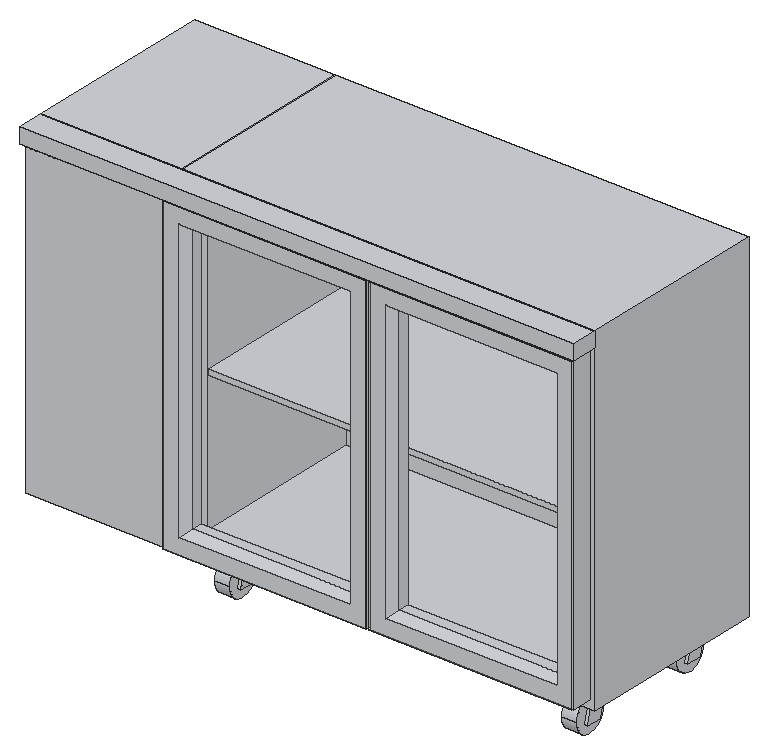
Revit family "Skope BB380X", category Specialty Equipment, Revit 2016
Family settings
  Part Type = Normal
  Round Connector Dimension = Use Diameter
  Work Plane-Based = No
  Always vertical = Yes
  Cut with Voids When Loaded = No
  Shared = No
  Room Calculation Point = No
Parameters (values of type "2 Swing Doors Chiller Integral (LH)")
  PD [instance] = if(Height Set > HOM, HOM, if(Height Set < HOMi, HOMi, Height Set))  # 110 mm
  Feet [instance] = not(Castors)  # no
  Swing = not(Sliding)  # yes
  Small Unit Size = 235 mm  # constant formula
  Small Refridgeration Unit = not(Large Refridgeration Unit)  # no
  Sliding = no
  Refridgeration Unit Depth = if(Large Refridgeration Unit, Large Unit Size, Small Unit Size)  # 380 mm
  RHS = if(and(Small Refridgeration Unit, RH Unit), 1 < 2, 2 < 1)  # no
  RHL = if(and(Large Refridgeration Unit, RH Unit), 1 < 2, 2 < 1)  # no
  RH Unit = not(LH Unit)  # no
  RH Refridgeration Unit = if(RH Unit, Refridgeration Unit Depth, 0 mm)  # 0 mm
  Plinth [instance] = 1 > 2  # no
  Depth = 590 mm  # constant formula
  Width = 1500 mm
  Height = 920 mm
  Model = "BB380X-2SW"
  Manufacturer = "Skope Ltd."  # constant formula
  MW = Depth - Door Thickness  # 519.2 mm
  MS = Width - LH Refridgeration Unit - RH Refridgeration Unit  # 1120 mm
  MH = Height - Bench Thickness  # 880 mm
  Large Unit Size = 380 mm  # constant formula
  Large Refridgeration Unit = yes
  LHS = if(and(Small Refridgeration Unit, LH Unit), 1 < 2, 2 < 1)  # no
  LHL = if(and(Large Refridgeration Unit, LH Unit), 1 < 2, 2 < 1)  # yes
  LH Unit = yes
  LH Refridgeration Unit = if(LH Unit, Refridgeration Unit Depth, 0 mm)  # 380 mm
  Interior Wheel Offset = 90 mm  # constant formula
  Height Set [instance] = 190 mm
  Height Offset [instance] = if(Plinth, Height Set, PD)  # 110 mm
  HOMi [instance] = if(Castors, 95 mm, 150 mm)  # 95 mm
  HOM [instance] = if(Castors, 110 mm, 180 mm)  # 110 mm
  DoorNo = 2  # constant formula
  Door Width = MS / 2  # 560 mm
  Door Thickness = 70.8 mm  # constant formula
  Description = "Horizontal, 2 door Backbar bottle Chiller with Integral, LH refrigeration services"
  Castors [instance] = yes
  Bench Thickness = 40 mm  # constant formula
Types (5, lengths in mm): name | Small Refridgeration Unit | Refridgeration Unit Depth | RHS | RHL | RH Unit | RH Refridgeration Unit | Width | Model | Large Refridgeration Unit | LHS | LHL | LH Unit | LH Refridgeration Unit | Description
  (no name) | no | 380 | no | no | no | 0 | 1500 | "BB380X-2SW" | yes | no | yes | yes | 380 | "Horizontal, 2 door Backbar bottle Chiller with Integral, LH refrigeration services"
  2 Swing Doors Chiller Integral (LH) | no | 380 | no | no | no | 0 | 1500 | "BB380X-2SW" | yes | no | yes | yes | 380 | "Horizontal, 2 door Backbar bottle Chiller with Integral, LH refrigeration services"
  2 Swing Doors Chiller Integral (RH) | no | 380 | no | yes | yes | 380 | 1500 | "BB380X-2SW-RH" | yes | no | no | no | 0 | "Horizontal, 2 door Backbar bottle Chiller with Integral, RH refrigeration services"
  2 Swing Doors Chiller Remote (LH) | yes | 235 | no | no | no | 0 | 1355 | "BB380Xr-2SW" | no | yes | no | yes | 235 | "Horizontal, 2 door Backbar bottle Chiller with Remote, LH refrigeration services"
  2 Swing Doors Chiller Remote (RH) | yes | 235 | yes | no | yes | 235 | 1355 | "BB380Xr-2SW-RH" | no | no | no | no | 0 | "Horizontal, 2 door Backbar bottle Chiller with Remote, RH refrigeration services"
Reference planes
  plane 1 "Center (Front/Back)": y = 0
  plane 2: z = 0
  plane 3 "Center (Left/Right)": x = 0
  plane 4: y = -590
  plane 5: x = 1500
  plane 6: x = 380
  plane 7: x = 1500
  plane 8: y = -519.2
  plane 9: z = 110
  plane 10: z = 990
  plane 11: z = 1030
  plane 12: x = 470
  plane 13: x = 1410
  plane 14: y = -90
  plane 15: y = -429.2
Forms (mm)
  Extrusion 1, solid
    sketch origin (0, 0, 0) x (0, 1, 0) y (0, 0, 1)
      loop
        line (-519.2, 1030) -> (-590, 1030) -> (-590, 990) -> (-519.2, 990) -> (-519.2, 1030)
    from 0 to 1500
Dimensions and locks
  "Depth": plane 4 to plane 1 "Center (Front/Back)"
  "LH Refridgeration Unit": plane 3 "Center (Left/Right)" to plane 6
  "RH Refridgeration Unit": plane 7 to plane 5
  "Door Thickness": plane 8 to plane 4
  "Width": plane 3 "Center (Left/Right)" to plane 5
  "Height Offset": plane 9 to plane 2
  "Height": plane 11 to plane 9
  "Bench Thickness": plane 11 to plane 10
  "Interior Wheel Offset": plane 14 to plane 1 "Center (Front/Back)"
  "Interior Wheel Offset": plane 15 to plane 8
  "Interior Wheel Offset": plane 13 to plane 7
  "Interior Wheel Offset": plane 6 to plane 12
  plane 10 to Extrusion 1 = 40 mm
  aligned and locked: level to plane 2
  aligned and locked: plane 9 to nested 1
  aligned and locked: plane 3 "Center (Left/Right)" to nested 2
  aligned and locked: plane 1 "Center (Front/Back)" to nested 2
  aligned and locked: plane 9 to nested 2
  aligned and locked: plane 1 "Center (Front/Back)" to nested 3
  aligned and locked: plane 6 to nested 1
  aligned and locked: plane 3 "Center (Left/Right)" to nested 4
  aligned and locked: nested 4 to plane 8
  aligned and locked: plane 9 to nested 4
  aligned and locked: plane 3 "Center (Left/Right)" to nested 5
  aligned and locked: nested 5 to plane 8
  aligned and locked: plane 9 to nested 5
  aligned and locked: plane 12 to nested 6
  aligned and locked: plane 14 to nested 6
  aligned and locked: plane 12 to nested 7
  aligned and locked: plane 13 to nested 8
  aligned and locked: plane 15 to nested 7
  aligned and locked: nested 7 to plane 9
  aligned and locked: nested 6 to plane 9
  aligned and locked: nested 8 to plane 9
  aligned and locked: plane 14 to nested 8
  aligned and locked: plane 13 to nested 9
  aligned and locked: plane 15 to nested 9
  aligned and locked: nested 9 to plane 9
  aligned and locked: plane 9 to nested 3
  aligned and locked: plane 5 to nested 3
  aligned and locked: nested 10 to plane 12
  aligned and locked: nested 10 to plane 14
  aligned and locked: nested 11 to plane 12
  aligned and locked: nested 11 to plane 15
  aligned and locked: nested 13 to plane 15
  aligned and locked: nested 12 to plane 14
  aligned and locked: nested 12 to plane 13
  aligned and locked: nested 13 to plane 13
  aligned and locked: nested 11 to plane 9
  aligned and locked: nested 10 to plane 9
  aligned and locked: nested 13 to plane 9
  aligned and locked: nested 12 to plane 9
  aligned and locked: plane 6 to nested 14
  aligned and locked: nested 14 to plane 8
  aligned and locked: plane 9 to nested 14
  aligned and locked: nested 15 to plane 9
  aligned and locked: nested 1 to Extrusion 1 sketch curve  (x2)
  aligned and locked: Extrusion 1 sketch curve to nested 4  (x2)
  aligned and locked: plane 5 to Extrusion 1
  aligned and locked: Extrusion 1 to plane 3 "Center (Left/Right)"
  aligned and locked: plane 5 to nested 17
  aligned and locked: nested 17 to plane 8
  aligned and locked: plane 5 to nested 16
  aligned and locked: nested 16 to plane 8
  aligned and locked: plane 7 to nested 15
  aligned and locked: plane 8 to nested 15
  aligned and locked: plane 9 to nested 17
  aligned and locked: plane 9 to nested 16
Nested families
  nested 1: "Skope Base Unit" at (380, 0, 110), type "Skope Base Unit"
    with Width 1120 mm, Height 920 mm, Depth 519.2 mm
  nested 2: "Skope Side Base Unit" at (0, 0, 110), visible <- "LH Unit", type "Skope Side Base Unit"
    with Width 380 mm, Height 920 mm, Depth 519.2 mm
  nested 3: "Skope Side Base Unit" at (1120, 0, 110), visible <- "RH Unit", type "Skope Side Base Unit"
    with Width 380 mm, Height 920 mm, Depth 519.2 mm
  nested 4: "Skope Side Unit (Small)" at (0, -519.2, 110), visible <- "LHS", type "Skope Side Unit (Small)"
  nested 5: "Skope Side Unit" at (0, -519.2, 110), visible <- "LHL", type "Skope Side Unit"
  nested 6: "Skope Castors" at (470, -90, 110) x (-1, 0, 0) z (0, 0, 1), visible <- "Castors", type "Skope Castor", detail levels medium+fine
  nested 7: "Skope Castors" at (470, -429.2, 110) x (-1, 0, 0) z (0, 0, 1), visible <- "Castors", type "Skope Castor", detail levels medium+fine
  nested 8: "Skope Castors" at (1410, -90, 110) x (-1, 0, 0) z (0, 0, 1), visible <- "Castors", type "Skope Castor", detail levels medium+fine
  nested 9: "Skope Castors" at (1410, -429.2, 110) x (-1, 0, 0) z (0, 0, 1), visible <- "Castors", type "Skope Castor", detail levels medium+fine
  nested 10: "Skope Legs" at (470, -90, 110), visible <- "Feet", built-in parameter 1001364 <- "Height Offset", type "Skope Castor", detail levels medium+fine
  nested 11: "Skope Legs" at (470, -429.2, 110), visible <- "Feet", built-in parameter 1001364 <- "Height Offset", type "Skope Castor", detail levels medium+fine
  nested 12: "Skope Legs" at (1410, -90, 110), visible <- "Feet", built-in parameter 1001364 <- "Height Offset", type "Skope Castor", detail levels medium+fine
  nested 13: "Skope Legs" at (1410, -429.2, 110), visible <- "Feet", built-in parameter 1001364 <- "Height Offset", type "Skope Castor", detail levels medium+fine
  nested 14: "Skope Solid Swing Door" at (380, -519.2, 110), type "Skope Solid Swing Door"
  nested 15: "Skope Solid Swing Door" at (1500, -519.2, 110) x (-1, 0, 0) z (0, 0, 1), type "Skope Solid Swing Door"
  nested 16: "Skope Side Unit (Small)" at (1265, -519.2, 110), visible <- "RHS", type "Skope Side Unit (Small)"
  nested 17: "Skope Side Unit" at (1120, -519.2, 110), visible <- "RHL", type "Skope Side Unit"
Definition of nested family "Skope Base Unit"
  Parameters (values of type "Skope Base Unit")
    Width = 1500 mm
    Material = none
    Height = 925 mm
    Depth = 539.2 mm
  Reference planes
    plane 1 "Center (Front/Back)": y = 0
    plane 2: z = 0
    plane 3 "Center (Left/Right)": x = 0
    plane 4: y = -539.2
    plane 5: x = 1500
    plane 6: z = 925
    plane 7: x = 70
    plane 8: z = 855
    plane 9: z = 70
    plane 10: x = 1430
    plane 11: y = -50
    plane 12: z = 462.5
  Forms (mm)
    Extrusion 1, solid, material <- "Material"
      sketch origin (0, 0, 0) x (1, 0, 0) y (0, 1, 0)
        loop
          line (0, -539.2) -> (1500, -539.2) -> (1500, 0) -> (0, 0) -> (0, -539.2)
      from 0 to 925 <- "Height"
    Extrusion 2, void
      sketch origin (0, 0, 0) x (1, 0, 0) y (0, 0, 1)
        loop
          line (70, 855) -> (70, 70) -> (1430, 70) -> (1430, 855) -> (70, 855)
      from 50 to 539.2
    Extrusion 3, solid
      sketch origin (0, 0, 0) x (1, 0, 0) y (0, 1, 0)
        loop
          line (70, -539.2) -> (1430, -539.2) -> (1430, -50) -> (70, -50) -> (70, -539.2)
      from 445.841 to 462.5
  Cuts and joins
    Extrusion 2 cuts Extrusion 1
  Dimensions and locks
    "Depth": plane 1 "Center (Front/Back)" to plane 4
    "Width": plane 5 to plane 3 "Center (Left/Right)"
    "Height": plane 6 to plane 2
    locked: plane 5 to plane 10 at 70
    locked: plane 7 to plane 3 "Center (Left/Right)" at 70
    locked: plane 6 to plane 8 at 70
    plane 9 to plane 2 = 70 mm
    locked: plane 11 to plane 1 "Center (Front/Back)" at 50
    equal spacing: plane 6, plane 12, plane 2
    aligned and locked: level to plane 2
    aligned and locked: Extrusion 1 sketch curve to plane 4
    aligned and locked: plane 3 "Center (Left/Right)" to Extrusion 1 sketch curve
    aligned and locked: Extrusion 1 sketch curve to plane 1 "Center (Front/Back)"
    aligned and locked: plane 5 to Extrusion 1 sketch curve
    aligned and locked: Extrusion 2 sketch curve to plane 8
    aligned and locked: Extrusion 2 sketch curve to plane 7
    aligned and locked: plane 9 to Extrusion 2 sketch curve
    aligned and locked: plane 10 to Extrusion 2 sketch curve
    aligned and locked: Extrusion 2 to plane 4
    aligned and locked: plane 11 to Extrusion 2
    aligned and locked: plane 11 to Extrusion 3 sketch curve
    aligned and locked: Extrusion 3 sketch curve to plane 10
    aligned and locked: plane 7 to Extrusion 3 sketch curve
    aligned and locked: Extrusion 3 sketch curve to plane 4
    aligned and locked: Extrusion 3 to plane 12
Definition of nested family "Skope Side Base Unit"
  Parameters (values of type "Skope Side Base Unit")
    Width = 1750 mm
    Material = none
    Height = 716 mm
    Depth = 759.2 mm
  Reference planes
    plane 1 "Center (Front/Back)": y = 0
    plane 2: z = 0
    plane 3 "Center (Left/Right)": x = 0
    plane 4: y = -759.2
    plane 5: x = 1750
    plane 6: z = 716
  Forms (mm)
    Extrusion 1, solid, material <- "Material"
      sketch origin (0, 0, 0) x (1, 0, 0) y (0, 1, 0)
        loop
          line (0, -759.2) -> (1750, -759.2) -> (1750, 0) -> (0, 0) -> (0, -759.2)
      from 0 to 716 <- "Height"
  Dimensions and locks
    "Depth": plane 1 "Center (Front/Back)" to plane 4
    "Width": plane 5 to plane 3 "Center (Left/Right)"
    "Height": plane 6 to plane 2
    aligned and locked: level to plane 2
    aligned and locked: Extrusion 1 sketch curve to plane 4
    aligned and locked: plane 3 "Center (Left/Right)" to Extrusion 1 sketch curve
    aligned and locked: Extrusion 1 sketch curve to plane 1 "Center (Front/Back)"
    aligned and locked: plane 5 to Extrusion 1 sketch curve
Definition of nested family "Skope Side Unit (Small)"
  Parameters (values of type "Skope Side Unit (Small)")
    Width = 235 mm
    Top Offset = 45 mm
    Material = none
    Height = 880 mm
    Grill Offset = 8 mm
    Door Width = Width - (Door Center Offset * 2)  # 75 mm
    Door Top Offset = 160 mm
    Door Offset Bottom = 151.38 mm
    Door Height = Height - Door Offset Bottom - 30 mm  # 698.62 mm
    Door Center Offset = 80 mm
    Detailed Door Width = 1291.611 mm
    Detailed Door Offset = 10 mm
    Detailed Door Ground Clearance = 24 mm
    Detailed Door Elevation Offset = 8 mm
    Detailed Door Depth = Depth - Detailed Door Offset - Detailed Door Elevation Offset  # 52.8 mm
    Depth = 70.8 mm
  Reference planes
    plane 1 "Center (Front/Back)": y = 0
    plane 2: z = 0
    plane 3 "Center (Left/Right)": x = 0
    plane 4: y = -70.8
    plane 5: x = 235
    plane 6: z = 880
    plane 7: y = -10
    plane 8: x = 320
    plane 9: z = 452
    plane 10: z = 24
    plane 11: z = 840
    plane 12: z = 80
    plane 13: z = 188.571
    plane 14: z = 297.143
    plane 15: z = 405.714
    plane 16: z = 514.286
    plane 17: z = 622.857
    plane 18: z = 731.429
    plane 19: z = 178.571
    plane 20: z = 287.143
    plane 21: z = 721.429
    plane 22: z = 612.857
    plane 23: x = 20
    plane 24: x = 215
  Forms (mm)
    Extrusion 1, solid, material <- "Material", detail levels coarse
      sketch origin (0, 0, 0) x (1, 0, 0) y (0, 1, 0)
        loop
          line (0, -70.8) -> (235, -70.8) -> (235, 0) -> (0, 0) -> (0, -70.8)
      from 0 to 880 <- "Height"
    Extrusion 2, solid, material <- "Material", detail levels medium+fine
      sketch origin (-18, 0, 0) x (1, 0, 0) y (0, 0, 1)
        loop
          line (26, 872) -> (26, 32) -> (253, 32) -> (253, 872) -> (26, 872)
      from 10 to 62.8
    Extrusion 3, solid, detail levels medium+fine
      sketch origin (-18, -62.8, 0) x (1, 0, 0) y (0, 0, 1)
        loop
          line (34, 40) -> (245, 40) -> (245, 864) -> (34, 864) -> (34, 40)
      from -62.8 to -52.8
  Lines and regions (mm)
    model lines, detail levels medium+fine
      curve 1: line (20, -62.8, 622.857) -> (215, -62.8, 622.857)
      curve 2: line (20, -62.8, 721.429) -> (20, -62.8, 622.857)
      curve 3: line (215, -62.8, 721.429) -> (20, -62.8, 721.429)
      curve 4: line (215, -62.8, 622.857) -> (215, -62.8, 721.429)
      curve 5: line (20, -62.8, 514.286) -> (215, -62.8, 514.286)
      curve 6: line (20, -62.8, 612.857) -> (20, -62.8, 514.286)
      curve 7: line (215, -62.8, 612.857) -> (20, -62.8, 612.857)
      curve 8: line (215, -62.8, 514.286) -> (215, -62.8, 612.857)
      curve 9: line (20, -62.8, 80) -> (215, -62.8, 80)
      curve 10: line (20, -62.8, 178.571) -> (20, -62.8, 80)
      curve 11: line (215, -62.8, 178.571) -> (20, -62.8, 178.571)
      curve 12: line (215, -62.8, 80) -> (215, -62.8, 178.571)
      curve 13: line (20, -62.8, 188.571) -> (215, -62.8, 188.571)
      curve 14: line (20, -62.8, 287.143) -> (20, -62.8, 188.571)
      curve 15: line (215, -62.8, 287.143) -> (20, -62.8, 287.143)
      curve 16: line (215, -62.8, 188.571) -> (215, -62.8, 287.143)
      curve 17: line (20, -62.8, 731.429) -> (151, -62.8, 731.429)
      curve 18: line (20, -62.8, 796.429) -> (20, -62.8, 731.429)
      curve 19: line (151, -62.8, 796.429) -> (20, -62.8, 796.429)
      curve 20: line (151, -62.8, 731.429) -> (151, -62.8, 796.429)
  Dimensions and locks
    "Depth": plane 1 "Center (Front/Back)" to plane 4
    "Width": plane 5 to plane 3 "Center (Left/Right)"
    "Height": plane 6 to plane 2
    "Detailed Door Offset": plane 7 to plane 1 "Center (Front/Back)"
    Extrusion 1 to Extrusion 1 to plane 8 = 235 mm, 85 mm
    equal spacing: plane 10, plane 9, plane 6
    "Detailed Door Elevation Offset": Extrusion 1 to Extrusion 2  (x3)
    "Detailed Door Ground Clearance": plane 10 to level
    "Detailed Door Depth": plane 7 to Extrusion 2
    "Detailed Door Elevation Offset": Extrusion 2 to plane 10
    "Grill Offset": Extrusion 2 to Extrusion 3 sketch curve
    Extrusion 1 to Extrusion 3 sketch curve = 8 mm
    plane 6 to plane 11 = 40 mm
    plane 12 to plane 2 = 80 mm
    equal spacing: plane 11, plane 18, plane 17, plane 16, plane 15, plane 14, plane 13, plane 12
    plane 18 to plane 21 = 10 mm
    plane 17 to plane 22 = 10 mm
    plane 14 to plane 20 = 10 mm
    plane 13 to plane 19 = 10 mm
    plane 23 to plane 3 "Center (Left/Right)" = 20 mm
    plane 5 to plane 24 = 20 mm
    aligned and locked: level to plane 2
    aligned and locked: Extrusion 1 sketch curve to plane 4
    aligned and locked: plane 3 "Center (Left/Right)" to Extrusion 1 sketch curve
    aligned and locked: Extrusion 1 sketch curve to plane 1 "Center (Front/Back)"
    aligned and locked: Extrusion 1 sketch curve to plane 5
    aligned and locked: plane 7 to Extrusion 2
    aligned and locked: Extrusion 2 sketch curve to plane 5
    aligned and locked: Extrusion 3 to plane 1 "Center (Front/Back)"
    aligned and locked: Extrusion 3 to plane 7
    aligned and locked: curve 1 to plane 17
    aligned and locked: plane 21 to curve 3
    aligned and locked: plane 22 to curve 7
    aligned and locked: curve 9 to plane 12
    aligned and locked: plane 19 to curve 11
    aligned and locked: curve 13 to plane 13
    aligned and locked: plane 20 to curve 15
    aligned and locked: curve 17 to plane 18
    aligned and locked: plane 24 to curve 12
    aligned and locked: plane 23 to curve 10
  Automatic sketch dimensions
    plane 3 "Center (Left/Right)" to Extrusion 2 sketch curve = 8 mm
    plane 10 to Extrusion 2 sketch curve = 8 mm
    Extrusion 2 sketch curve to plane 6 = 8 mm
    curve 3 to Extrusion 2 = 12 mm
    curve 19 to Extrusion 2 = 12 mm
    curve 14 to Extrusion 2 = 12 mm
    curve 5 to Extrusion 2 = 12 mm
    curve 19 to Extrusion 2 = 84 mm
    curve 13 to curve 11 = 0 mm
    curve 1 to curve 8 = 0 mm
    curve 6 to curve 6 = 98.571 mm
    curve 17 to curve 19 = 65 mm
    curve 8 to Extrusion 2 = 20 mm
    Extrusion 3 sketch curve to Extrusion 2 = 8 mm  (x2)
Definition of nested family "Skope Side Unit"
  Parameters (values of type "Skope Side Unit")
    Width = 380 mm
    Top Offset = 45 mm
    Material = none
    Height = 880 mm
    Grill Offset = 8 mm
    Door Width = Width - (Door Center Offset * 2)  # 220 mm
    Door Top Offset = 160 mm
    Door Offset Bottom = 151.38 mm
    Door Height = Height - Door Offset Bottom - 30 mm  # 698.62 mm
    Door Center Offset = 80 mm
    Detailed Door Width = 1291.611 mm
    Detailed Door Offset = 10 mm
    Detailed Door Ground Clearance = 24 mm
    Detailed Door Elevation Offset = 8 mm
    Detailed Door Depth = Depth - Detailed Door Offset - Detailed Door Elevation Offset  # 52.8 mm
    Depth = 70.8 mm
  Reference planes
    plane 1 "Center (Front/Back)": y = 0
    plane 2: z = 0
    plane 3 "Center (Left/Right)": x = 0
    plane 4: y = -70.8
    plane 5: x = 380
    plane 6: z = 880
    plane 7: y = -10
    plane 8: x = 340
    plane 9: z = 452
    plane 10: z = 24
    plane 11: x = 40
    plane 12: z = 840
    plane 13: z = 65.281
    plane 14: z = 710.88
    plane 15: z = 581.76
    plane 16: z = 452.641
    plane 17: z = 323.521
    plane 18: z = 194.401
    plane 19: z = 184.401
    plane 20: z = 313.521
    plane 21: z = 442.641
    plane 22: z = 571.76
    plane 23: z = 700.88
    plane 24: z = 830
    plane 25: x = 220
  Forms (mm)
    Extrusion 1, solid, material <- "Material", detail levels coarse
      sketch origin (0, 0, 0) x (1, 0, 0) y (0, 1, 0)
        loop
          line (0, -70.8) -> (380, -70.8) -> (380, 0) -> (0, 0) -> (0, -70.8)
      from 0 to 880 <- "Height"
    Extrusion 2, solid, material <- "Material", detail levels medium+fine
      sketch origin (-18, 0, 0) x (1, 0, 0) y (0, 0, 1)
        loop
          line (26, 872) -> (26, 32) -> (398, 32) -> (398, 872) -> (26, 872)
      from 10 to 62.8
    Extrusion 3, solid, detail levels medium+fine
      sketch origin (-18, -62.8, 0) x (1, 0, 0) y (0, 0, 1)
        loop
          line (34, 40) -> (390, 40) -> (390, 864) -> (34, 864) -> (34, 40)
      from -62.8 to -52.8
  Lines and regions (mm)
    model lines, detail levels medium+fine
      curve 1: line (40, -62.8, 184.401) -> (340, -62.8, 184.401)
      curve 2: line (40, -62.8, 65.281) -> (40, -62.8, 184.401)
      curve 3: line (340, -62.8, 65.281) -> (40, -62.8, 65.281)
      curve 4: line (340, -62.8, 184.401) -> (340, -62.8, 65.281)
      curve 5: line (40, -62.8, 313.521) -> (340, -62.8, 313.521)
      curve 6: line (40, -62.8, 194.401) -> (40, -62.8, 313.521)
      curve 7: line (340, -62.8, 194.401) -> (40, -62.8, 194.401)
      curve 8: line (340, -62.8, 313.521) -> (340, -62.8, 194.401)
      curve 9: line (40, -62.8, 830) -> (220, -62.8, 830)
      curve 10: line (40, -62.8, 710.88) -> (40, -62.8, 830)
      curve 11: line (220, -62.8, 710.88) -> (40, -62.8, 710.88)
      curve 12: line (220, -62.8, 830) -> (220, -62.8, 710.88)
      curve 13: line (40, -62.8, 700.88) -> (220, -62.8, 700.88)
      curve 14: line (40, -62.8, 581.76) -> (40, -62.8, 700.88)
      curve 15: line (220, -62.8, 581.76) -> (40, -62.8, 581.76)
      curve 16: line (220, -62.8, 700.88) -> (220, -62.8, 581.76)
      curve 17: line (241.037, -62.8, 830) -> (326.037, -62.8, 830)
      curve 18: line (241.037, -62.8, 795) -> (241.037, -62.8, 830)
      curve 19: line (326.037, -62.8, 795) -> (241.037, -62.8, 795)
      curve 20: line (326.037, -62.8, 830) -> (326.037, -62.8, 795)
  Dimensions and locks
    "Depth": plane 1 "Center (Front/Back)" to plane 4
    "Width": plane 5 to plane 3 "Center (Left/Right)"
    "Height": plane 6 to plane 2
    "Detailed Door Offset": plane 7 to plane 1 "Center (Front/Back)"
    Extrusion 1 to plane 8 to Extrusion 1 = 340 mm, 40 mm
    equal spacing: plane 10, plane 9, plane 6
    "Detailed Door Elevation Offset": Extrusion 1 to Extrusion 2  (x3)
    "Detailed Door Ground Clearance": plane 10 to level
    "Detailed Door Depth": plane 7 to Extrusion 2
    "Detailed Door Elevation Offset": Extrusion 2 to plane 10
    "Grill Offset": Extrusion 2 to Extrusion 3 sketch curve
    Extrusion 1 to Extrusion 3 sketch curve = 8 mm
    locked: plane 11 to plane 3 "Center (Left/Right)" at 40
    plane 13 to plane 2 = 65.281 mm
    plane 6 to plane 12 = 40 mm
    equal spacing: plane 12, plane 14, plane 15, plane 16, plane 17, plane 18, plane 13
    plane 12 to plane 24 = 10 mm
    plane 14 to plane 23 = 10 mm
    plane 15 to plane 22 = 10 mm
    plane 16 to plane 21 = 10 mm
    plane 17 to plane 20 = 10 mm
    plane 18 to plane 19 = 10 mm
    locked: plane 5 to plane 8 at 40
    plane 11 to plane 25 = 180 mm
    plane 25 to curve 18 = 21.037 mm
    aligned and locked: level to plane 2
    aligned and locked: Extrusion 1 sketch curve to plane 4
    aligned and locked: plane 3 "Center (Left/Right)" to Extrusion 1 sketch curve
    aligned and locked: Extrusion 1 sketch curve to plane 1 "Center (Front/Back)"
    aligned and locked: Extrusion 1 sketch curve to plane 5
    aligned and locked: plane 7 to Extrusion 2
    aligned and locked: Extrusion 2 sketch curve to plane 5
    aligned and locked: Extrusion 3 to plane 1 "Center (Front/Back)"
    aligned and locked: Extrusion 3 to plane 7
    aligned and locked: curve 1 to plane 19
    aligned and locked: curve 2 to plane 11
    aligned and locked: curve 3 to plane 13
    aligned and locked: curve 4 to plane 8
    aligned and locked: curve 5 to plane 20
    aligned and locked: curve 6 to plane 11
    aligned and locked: plane 18 to curve 7
    aligned and locked: curve 8 to plane 8
    aligned and locked: curve 9 to plane 24
    aligned and locked: curve 10 to plane 11
    aligned and locked: plane 14 to curve 11
    aligned and locked: plane 25 to curve 12
    aligned and locked: curve 13 to plane 23
    aligned and locked: curve 14 to plane 11
    aligned and locked: plane 15 to curve 15
    aligned and locked: plane 25 to curve 16
  Automatic sketch dimensions
    plane 3 "Center (Left/Right)" to Extrusion 2 sketch curve = 8 mm
    plane 10 to Extrusion 2 sketch curve = 8 mm
    Extrusion 2 sketch curve to plane 6 = 8 mm
    curve 19 to Extrusion 2 = 53.963 mm
    curve 18 to curve 9 = 35 mm
    curve 19 to curve 17 = 35 mm
    Extrusion 3 sketch curve to Extrusion 2 = 8 mm  (x2)
Definition of nested family "Skope Castors"
  Parameters (values of type "Skope Castor")
    Wheel Offset = Height Adjusted - 105 mm  # 5 mm
    Wheel Material = none
    Pusher = if([Height (115mm to 130mm)] < 116 mm, -10 mm, (105 mm - Height Adjusted))  # -10 mm
    Material = none
    Height Adjusted = if([Height (115mm to 130mm)] < 110 mm, 110 mm, (if([Height (115mm to 130mm)] > 130 mm, 130 mm, [Height (115mm to 130mm)])))  # 110 mm
    Height (115mm to 130mm) = 110 mm
  Reference planes
    plane 1 "Center (Front/Back)": y = 0
    plane 2: z = 0
    plane 3 "Center (Left/Right)": x = 0
    plane 4: z = -56
    plane 5: x = -50
    plane 6: x = 50
    plane 7: y = -57.5
    plane 8: y = 57.5
    plane 9: z = -5
    plane 10: z = -119.14
  Forms (mm)
    Extrusion 1, solid, material <- "Material"
      sketch origin (-68.05, 25.042, 0) x (1, 0, 0) y (0, 1, 0)
        loop
          circle (68.05, -25.042) r 10
      from -10 <- "Pusher" to 0
    Extrusion 2, solid, material <- "Material"
      sketch origin (0, 0, 0) x (1, 0, 0) y (0, 1, 0)
        loop
          line (-50, 57.5) -> (-50, -57.5) -> (50, -57.5) -> (50, 57.5) -> (-50, 57.5)
      from 0 to -4
  Cuts and joins
    joined: Extrusion 1, Extrusion 2
  Dimensions and locks
    locked: plane 8 to plane 1 "Center (Front/Back)" at 57.5
    plane 7 to plane 1 "Center (Front/Back)" = 57.5 mm
    plane 5 to plane 3 "Center (Left/Right)" to plane 6 = 50 mm, 50 mm
    "Wheel Offset": plane 2 to plane 9
    radius of Extrusion 1 sketch curve = 10 mm
    aligned and locked: level to plane 2
    aligned and locked: level to Extrusion 1
    aligned and locked: plane 3 "Center (Left/Right)" to nested 1
    aligned and locked: nested 1 to Extrusion 1 sketch curve
    aligned and locked: plane 1 "Center (Front/Back)" to Extrusion 1 sketch curve
    aligned and locked: Extrusion 2 sketch curve to plane 8
    aligned and locked: plane 5 to Extrusion 2 sketch curve
    aligned and locked: plane 7 to Extrusion 2 sketch curve
    aligned and locked: Extrusion 2 sketch curve to plane 6
    aligned and locked: plane 9 to nested 1
  Nested families
    nested 1: "Wheel Base1" at (0, 0, -5), type "Wheel Base1"
  Definition of nested family "Wheel Base1"
    Parameters (values of type "Wheel Base1")
      Wheel Size = 60 mm
      Wheel Offset = 15 mm
      Wheel Material = none
      Wheel Inner Offset = 10 mm
      Wheel Area Depth = 30 mm
      Material = none
      Corner Offset = 0 mm
    Reference planes
      plane 1 "Center (Front/Back)": y = 0
      plane 2: z = 0
      plane 3 "Center (Left/Right)": x = 0
      plane 4: x = -30
      plane 5: x = 30
      plane 6: x = 0
      plane 7: x = -20
      plane 8: x = 20
      plane 9: y = 57.5
      plane 10: y = -57.5
      plane 11: y = 20
      plane 12: y = -20
      plane 13: z = -60
      plane 14: y = 40
    Forms (mm)
      Extrusion 1, solid, material <- "Wheel Material"
        sketch origin (0, 0, 0) x (0, 1, 0) y (0, 0, 1)
          loop
            circle (20, -60) r 45
        from -20 to 20
      Extrusion 2, solid, material <- "Wheel Material"
        sketch origin (0, 0, 0) x (0, 1, 0) y (0, 0, 1)
          loop
            line (20, 0) -> (-20, 0) -> (0, -75.216) -> (40, -75.216) -> (20, 0)
        from -30 to 30
      Extrusion 3, solid, material <- "Wheel Material"
        sketch origin (0, 0, 0) x (1, 0, 0) y (0, 1, 0)
          loop
            circle (0, 0) r 40
        from 0 to -4
    Cuts and joins
      joined: Extrusion 1, Extrusion 2, Extrusion 3
    Dimensions and locks
      "Wheel Size": plane 4 to plane 5
      equal spacing: plane 5, plane 6, plane 4
      "Wheel Inner Offset": plane 7 to plane 4
      "Wheel Inner Offset": plane 5 to plane 8
      plane 9 to plane 1 "Center (Front/Back)" to plane 10 = 57.5 mm, 57.5 mm
      plane 9 to plane 11 to plane 1 "Center (Front/Back)" = 37.5 mm, 20 mm
      plane 1 "Center (Front/Back)" to plane 12 to plane 10 = 20 mm, 37.5 mm
      aligned and locked: level to plane 2
      aligned and locked: plane 11 to Extrusion 1 sketch curve
      aligned and locked: plane 13 to Extrusion 1 sketch curve
      aligned and locked: plane 8 to Extrusion 1
      aligned and locked: Extrusion 1 to plane 7
      aligned and locked: plane 5 to Extrusion 2
      aligned and locked: Extrusion 2 to plane 4
      aligned and locked: plane 6 to Extrusion 3 sketch curve
      aligned and locked: plane 1 "Center (Front/Back)" to Extrusion 3 sketch curve
    Automatic sketch dimensions
      Extrusion 2 sketch curve to plane 12 = 0 mm
      Extrusion 2 sketch curve to plane 1 "Center (Front/Back)" = 0 mm
      Extrusion 2 sketch curve to level = 0 mm
      Extrusion 2 sketch curve to plane 11 = 0 mm
      Extrusion 2 sketch curve to plane 14 = 0 mm
      Extrusion 2 sketch curve to plane 13 = 15.216 mm
      radius of Extrusion 1 sketch curve = 45 mm
      radius of Extrusion 3 sketch curve = 40 mm
Definition of nested family "Skope Legs"
  Parameters (values of type "Skope Castor")
    Wheel Offset = Height Adjusted - 120 mm  # 30 mm
    Pusher = if([Height (150mm to 180mm)] < 116 mm, -10 mm, (105 mm - Height Adjusted))  # -10 mm
    Material = none
    Height Adjusted = if([Height (150mm to 180mm)] < 150 mm, 150 mm, (if([Height (150mm to 180mm)] > 180 mm, 180 mm, [Height (150mm to 180mm)])))  # 150 mm
    Height (150mm to 180mm) = 115 mm
  Reference planes
    plane 1 "Center (Front/Back)": y = 0
    plane 2: z = 0
    plane 3 "Center (Left/Right)": x = 0
    plane 4: x = -50
    plane 5: x = 50
    plane 6: y = -57.5
    plane 7: y = 57.5
    plane 8: z = -120
    plane 9: z = -150
  Forms (mm)
    Extrusion 1, solid, material <- "Material"
      sketch origin (0, 0, 0) x (1, 0, 0) y (0, 1, 0)
        loop
          line (-50, 57.5) -> (-50, -57.5) -> (50, -57.5) -> (50, 57.5) -> (-50, 57.5)
      from 0 to -4
    Extrusion 2, solid, material <- "Material"
      sketch origin (0, 0, 0) x (1, 0, 0) y (0, 1, 0)
        loop
          circle (0, 0) r 30
      from 0 to -120
    Extrusion 3, solid, material <- "Material"
      sketch origin (0, 0, 0) x (1, 0, 0) y (0, 1, 0)
        loop
          circle (0, 0) r 20
      from -120 to -150
  Cuts and joins
    joined: Extrusion 1, Extrusion 2, Extrusion 3
  Dimensions and locks
    locked: plane 7 to plane 1 "Center (Front/Back)" at 57.5
    plane 6 to plane 1 "Center (Front/Back)" = 57.5 mm
    plane 4 to plane 3 "Center (Left/Right)" to plane 5 = 50 mm, 50 mm
    plane 2 to plane 8 = 120 mm
    "Wheel Offset": plane 9 to plane 8
    plane 2 to plane 9 = 150 mm
    aligned and locked: level to plane 2
    aligned and locked: plane 3 "Center (Left/Right)" to Extrusion 2 sketch curve
    aligned and locked: plane 1 "Center (Front/Back)" to Extrusion 2 sketch curve
    aligned and locked: Extrusion 2 to plane 8
    aligned and locked: Extrusion 3 to plane 9
    aligned and locked: plane 8 to Extrusion 3
  Automatic sketch dimensions
    Extrusion 1 sketch curve to plane 4 = 0 mm
    Extrusion 1 sketch curve to plane 5 = 0 mm
    Extrusion 1 sketch curve to plane 6 = 0 mm
    Extrusion 1 sketch curve to plane 7 = 0 mm
    plane 1 "Center (Front/Back)" to Extrusion 3 sketch curve = 0 mm
    Extrusion 3 sketch curve to plane 3 "Center (Left/Right)" = 0 mm
    radius of Extrusion 2 sketch curve = 30 mm
    radius of Extrusion 3 sketch curve = 20 mm
Definition of nested family "Skope Solid Swing Door"
  Parameters (values of type "Skope Solid Swing Door")
    Width = 560 mm
    Swing = yes
    Slide = not(Swing)  # no
    Material = none
    Height = 880 mm
    Handle Material = none
    Glass = none
    Door Width = 325 mm
    Door Visual Right Offset = 30 mm
    Door Visual Radius = Width - Door Visual Left Offset - Door Visual Right Offset  # 512 mm
    Door Visual Left Offset = 18 mm
    Door Radius = 90.00°
    Door Height = 469.62 mm
    Detailed Door Offset = 10 mm
    Detailed Door Ground Clearance = 24 mm
    Detailed Door Elevation Offset = 8 mm
    Detailed Door Depth = Depth - Detailed Door Offset - Detailed Door Elevation Offset  # 52.8 mm
    Depth = 70.8 mm
  Reference planes
    plane 1 "Center (Front/Back)": y = 0
    plane 2: z = 0
    plane 3 "Center (Left/Right)": x = 0
    plane 4: y = -70.8
    plane 5: x = 560
    plane 6: z = 880
    plane 7: y = -10
    plane 8: z = 24
    plane 9: x = 18
    plane 10: x = 530
    plane 11: z = 651.193
    plane 12: z = 63.558
  Forms (mm)
    Extrusion 1, solid, material <- "Material", detail levels coarse
      sketch origin (0, 0, 0) x (1, 0, 0) y (0, 1, 0)
        loop
          line (0, -70.8) -> (560, -70.8) -> (560, 0) -> (0, 0) -> (0, -70.8)
      from 0 to 880 <- "Height"
    Sweep 2, solid, detail levels medium+fine
      path in 3D
        loop
          line (560, -70.8, 24) -> (0, -70.8, 24) -> (0, -70.8, 880) -> (560, -70.8, 880) -> (560, -70.8, 24)
      profile origin (560, -70.8, 452) x (1, 0, 0) y (0, 1, 0)
        loop
          line (-5, 4) -> (-5, 60.8) -> (-61.432, 60.8) -> (-61.432, 30.903) -> (-47.127, 4) -> (-5, 4)
    Extrusion 3, solid, material <- "Glass", detail levels medium+fine
      sketch origin (0, 0, 0) x (1, 0, 0) y (0, 1, 0)
        loop
          line (555, -66.8) -> (5, -66.8) -> (5, -70.8) -> (555, -70.8) -> (555, -66.8)
      from 29 to 875
  Lines and regions (mm)
    symbolic lines, visible <- "Swing"
      curve 1: line (18, -70.8, 0) -> (18, -582.8, 0)
      curve 2: arc (18, -582.8, 0) -> (380.988, -431.887, 0) -> (529.993, -68.113, 0) r 512
    sketch lines
      curve 3: line (560, -70.8, 880) -> (560, -70.8, 24)
      curve 4: line (0, -70.8, 880) -> (560, -70.8, 880)
      curve 9: line (0, -70.8, 24) -> (560, -70.8, 24)
      curve 10: line (0, -70.8, 880) -> (0, -70.8, 24)
    model lines
      curve 5: line (0, -70.8, 24) -> (560, -70.8, 24)
      curve 6: line (0, -70.8, 880) -> (0, -70.8, 24)
      curve 7: line (560, -70.8, 880) -> (0, -70.8, 880)
      curve 8: line (560, -70.8, 24) -> (560, -70.8, 880)
  Dimensions and locks
    "Depth": plane 1 "Center (Front/Back)" to plane 4
    "Width": plane 5 to plane 3 "Center (Left/Right)"
    "Height": plane 6 to plane 2
    "Detailed Door Offset": plane 7 to plane 1 "Center (Front/Back)"
    "Detailed Door Ground Clearance": plane 8 to level
    "Door Visual Left Offset": plane 3 "Center (Left/Right)" to plane 9
    "Door Visual Right Offset": plane 10 to plane 5
    "Door Visual Radius": curve 1 to curve 1
    "Door Visual Radius": radius of curve 2
    "Door Radius": angle curve 1 to plane 4
    aligned and locked: level to plane 2
    aligned and locked: Extrusion 1 sketch curve to plane 4
    aligned and locked: plane 3 "Center (Left/Right)" to Extrusion 1 sketch curve
    aligned and locked: Extrusion 1 sketch curve to plane 1 "Center (Front/Back)"
    aligned and locked: Extrusion 1 sketch curve to plane 5
    aligned and locked: curve 1 to plane 9
    aligned and locked: plane 4 to curve 1
    aligned and locked: curve 5 to plane 8
    aligned and locked: curve 6 to plane 3 "Center (Left/Right)"
    aligned and locked: plane 6 to curve 7
    aligned and locked: plane 5 to curve 8
    aligned and locked: Sweep 2 to Extrusion 3 sketch curve
    aligned and locked: Extrusion 3 sketch curve to Sweep 2
    aligned and locked: Extrusion 3 sketch curve to plane 4
    aligned and locked: Extrusion 3 to Sweep 2  (x2)
  Automatic sketch dimensions
    Sweep 2 sketch curve to profile plane = 61.432 mm
    Sweep 2 sketch curve to profile plane = 4 mm
    Sweep 2 sketch curve to Sweep 2 sketch curve = 14.305 mm
    Sweep 2 sketch curve to profile plane = 5 mm
    Sweep 2 sketch curve to Sweep 2 sketch curve = 26.903 mm
    Sweep 2 sketch curve to Sweep 2 sketch curve = 56.8 mm
    Extrusion 3 sketch curve to plane 5 = 5 mm
    curve 2 to plane 10 = 0.007 mm
